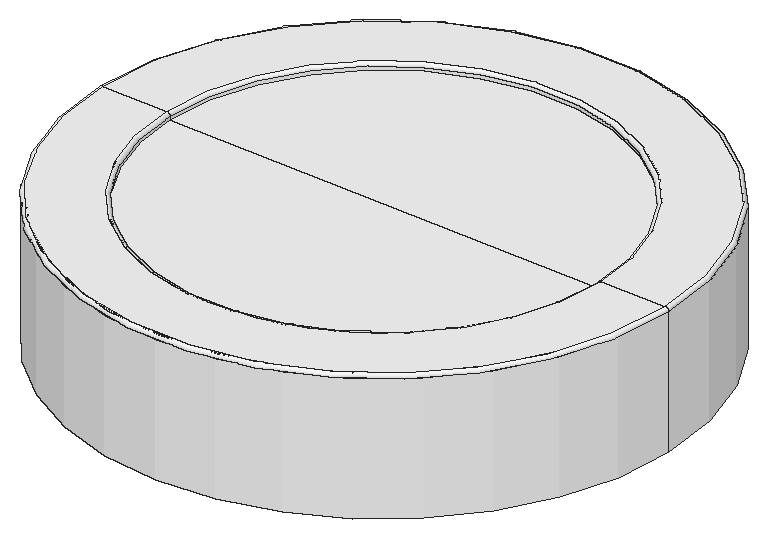
Revit family "0053899", category Lighting Fixtures, host Face, Revit 2016
Family settings
  Host = Face
  Part Type = Normal
  Round Connector Dimension = Use Diameter
  OmniClass Number = 23.80.70.00
  OmniClass Title = Lighting
  Cut with Voids When Loaded = No
  Light Source = Yes
  Shared = No
  Room Calculation Point = No
Parameters (values of type "0053899 ST eco Downlight Flat 172 1050lm 830 DIM S")
  Width_FEILO = 172 mm
  WidthDiffuser_FEILO = if(Square_FEILO, 168 mm, Width_FEILO / 1.3294)  # 129.381 mm
  Weight = "10.26 kg"
  Wattage Comments = ""
  Wattage = 13 W
  WarrantyStartDate [instance] = "n/a"
  WarrantyGuarantorParts = "n/a"
  WarrantyDurationUnit = "n/a"
  WarrantyDurationParts = "n/a"
  WarrantyDescription = "n/a"
  built-in parameter 1150110 = 1 (stored number, unit not read)
  Voltage = 230 V
  URL = "http://www.sylvania-lighting.com"
  TypeName = "ST eco Downlight Flat 172 1050lm 830 DIM S"
  Type Image = <None>
  Type Comments = "n/a"
  built-in parameter 1114217 = 1 (stored number, unit not read)
  Tilt Angle = -90.00°
  built-in parameter 1150109 = 1 (stored number, unit not read)
  built-in parameter 1150134 = (empty or 0)
  built-in parameter 1150113 = 1 (stored number, unit not read)
  Square_FEILO = no
  SerialNumber [instance] = "n/a"
  Round_FEILO = not(Square_FEILO)  # yes
  RadiusSquare_FEILO = 10 mm
  RadiusDiffuser_FEILO = 7 mm
  Photometric Web File = "0053899.ies"
  Material_3_FEILO = none
  PowerFactor = 0.9
  PowerConsumption = "13 W"
  NominalLength = 172 mm
  NominalHeight = 39 mm
  NominalDepth = 172 mm
  Name = "ST eco Downlight Flat 172 1050lm 830 DIM S"
  ModelReference = Name  # "ST eco Downlight Flat 172 1050lm 830 DIM S"
  ModelNumber = "0053899"
  Model = Name  # "ST eco Downlight Flat 172 1050lm 830 DIM S"
  Material = "aluminium housing, polystyrene diffuser"
  ManufacturerName = "Feilo Sylvania"
  Manufacturer = "Feilo Sylvania"
  LuminousEfficacy = "80.76 lm/W"
  built-in parameter 1150105 = 83.556 (stored number, unit not read)
  Lumens = 1050 lm
  LuminaireType = ""
  built-in parameter 1150115 = 1 (stored number, unit not read)
  LightOutputRatio = "n/a"
  built-in parameter 1150137 = (empty or 0)
  built-in parameter 1150139 = (empty or 0)
  LampsType = Lamp  # "LED"
  LampNominalLuminous = "1050 lm"
  LampMacAdamStep = "n/a"
  LampColourTemperature = "3000 K"
  LampColourRenderingIndex = "80"
  built-in parameter 1150112 = 1 (stored number, unit not read)
  built-in parameter 1150114 = 1 (stored number, unit not read)
  Lamp = "LED"
  Keynote = "16500"
  InstallationDate [instance] = "n/a"
  InputVoltage = "220-240V~"
  InputNominalFrequency = "50/60 Hz"
  built-in parameter 1150132 = (empty or 0)
  built-in parameter 1150102 = (empty or 0)
  built-in parameter 1150107 = 3000 (stored number, unit not read)
  built-in parameter 1150138 = (empty or 0)
  IngressProtection = "IP20"
  ImpactProtectionIndex = "IK06"
  built-in parameter 1150106 = 0.83556 (stored number, unit not read)
  IfcExportType = "IfcLightFixtureType"
  IfcExportAs = "IfcLightFixtureType"
  ExpectedLife = 50000
  Emit from Circle Diameter = WidthDiffuser_FEILO  # 129.381 mm
  Emit Shape Visible in Rendering = no
  ElectricShockClassification = "Class II"
  built-in parameter 1150104 = 7.5037 (stored number, unit not read)
  DurationUnit = "hours"
  DocumentationLiterature = "http://www.sylvania-lighting.com/product/en-int/products/0053899"
  DimmingControlOptions = "Dimmable"
  Material_2_FEILO = LED-Sylvania-SylflatSurface
  Dimming Lamp Color Temperature Shift = <None>
  Description = "Integrated LED surface mounted downlight providing 1040 fixture lumens at a wattage of 13W giving a high efficacy of 80lm/W. Fitting includes Leading/Trailing edge phase dimmable driver and has a round outer dimmension of of 172x172x39mm with an IP20 and IK02 rating providing uniform distribution with an Opal diffuser and 110° beam angle. Provided including a Loop in Loop out box and built with a white aluminium housing."
  Default Elevation = 1219.2 mm
  CreatedOn = "2/15/2018"
  CreatedBy = "aron.fodor@feilosylvania.com"
  Cost = 0
  Color Filter = 16777215
  built-in parameter 1114216 [instance] = (empty or 0)
  ClassificationValue = "EF_70_80"
  ClassificationName = "Uniclass2015"
  Material_1_FEILO = Body-Sylvania-SylflatSurface-White
  BarCode [instance] = "n/a"
  built-in parameter 1114218 = 1 (stored number, unit not read)
  built-in parameter 1150133 = 10 (stored number, unit not read)
  AssetType = "Fixed"
  AssetIdentifier [instance] = "n/a"
  Assembly Code = "D5020200"
  Apparent Load = 13 VA
  Material_4_FEILO = none
Reference planes
  plane 1 "Center (Front/Back)": y = 0
  plane 2: z = 0
  plane 3 "Center (Left/Right)": x = 0
  plane 4: x = 86
  plane 5: x = -86
  plane 6: y = 86
  plane 7: y = -86
  plane 8: x = -76
  plane 9: y = 76
  plane 10: x = 76
  plane 11: y = -76
  plane 12: y = 64.69
  plane 13: y = -64.69
  plane 14: x = 64.69
  plane 15: x = -64.69
  plane 16: x = -57.69
  plane 17: y = 57.69
  plane 18: x = 57.69
  plane 19: y = -57.69
  plane 20: z = 39
  plane 21: x = -85
  plane 22: z = 38
  plane 23: z = 37
  plane 24: x = -65.69
Forms (mm)
  Revolve 1, solid, material "Body-Sylvania-SylflatSurface-White" <- "Material_1_FEILO", visible <- "Round_FEILO"
    sketch origin (0, 0, 0) x (1, 0, 0) y (0, 0, 1)
      loop
        line (0, 0) -> (0, 37) -> (-64.69, 37) -> (-64.69, 38)
        arc (-64.69, 38) -> (-64.983, 38.707) -> (-65.69, 39) r 1
        line (-65.69, 39) -> (-85, 39)
        arc (-85, 39) -> (-85.707, 38.707) -> (-86, 38) r 1
        line (-86, 38) -> (-86, 0) -> (0, 0)
      axis (0, 39) -> (0, 0)
    angle from 360 to 0
  Extrusion 2, solid, material "Body-Sylvania-SylflatSurface-White" <- "Material_1_FEILO", visible <- "Square_FEILO"
    sketch origin (0, 0, 0) x (1, 0, 0) y (0, 1, 0)
      loop
        arc (-86, -76) -> (-83.071, -83.071) -> (-76, -86) r 10
        line (-76, -86) -> (76, -86)
        arc (76, -86) -> (83.071, -83.071) -> (86, -76) r 10
        line (86, -76) -> (86, 76)
        arc (86, 76) -> (83.071, 83.071) -> (76, 86) r 10
        line (76, 86) -> (-76, 86)
        arc (-76, 86) -> (-83.071, 83.071) -> (-86, 76) r 10
        line (-86, 76) -> (-86, -76)
      loop
        arc (-57.69, 64.69) -> (-62.64, 62.64) -> (-64.69, 57.69) r 7
        line (-64.69, 57.69) -> (-64.69, -57.69)
        arc (-64.69, -57.69) -> (-62.64, -62.64) -> (-57.69, -64.69) r 7
        line (-57.69, -64.69) -> (57.69, -64.69)
        arc (57.69, -64.69) -> (62.64, -62.64) -> (64.69, -57.69) r 7
        line (64.69, -57.69) -> (64.69, 57.69)
        arc (64.69, 57.69) -> (62.64, 62.64) -> (57.69, 64.69) r 7
        line (57.69, 64.69) -> (-57.69, 64.69)
    from 0 to 39
  Extrusion 3, solid, material "Body-Sylvania-SylflatSurface-White" <- "Material_1_FEILO", visible <- "Square_FEILO"
    sketch origin (0, 0, 0) x (1, 0, 0) y (0, 1, 0)
      loop
        arc (-57.69, 64.69) -> (-62.64, 62.64) -> (-64.69, 57.69) r 7
        line (-64.69, 57.69) -> (-64.69, -57.69)
        arc (-64.69, -57.69) -> (-62.64, -62.64) -> (-57.69, -64.69) r 7
        line (-57.69, -64.69) -> (57.69, -64.69)
        arc (57.69, -64.69) -> (62.64, -62.64) -> (64.69, -57.69) r 7
        line (64.69, -57.69) -> (64.69, 57.69)
        arc (64.69, 57.69) -> (62.64, 62.64) -> (57.69, 64.69) r 7
        line (57.69, 64.69) -> (-57.69, 64.69)
    from 0 to 37
Cuts and joins
  joined: Extrusion 2, Extrusion 3
Dimensions and locks
  equal spacing: plane 5, plane 3 "Center (Left/Right)", plane 4
  equal spacing: plane 7, plane 1 "Center (Front/Back)", plane 6
  "Width_FEILO": plane 7 to plane 6
  "Width_FEILO": plane 5 to plane 4
  equal spacing: plane 11, plane 1 "Center (Front/Back)", plane 9
  "RadiusSquare_FEILO": plane 9 to plane 6
  equal spacing: plane 8, plane 3 "Center (Left/Right)", plane 10
  "RadiusSquare_FEILO": plane 5 to plane 8
  equal spacing: plane 15, plane 3 "Center (Left/Right)", plane 14
  equal spacing: plane 13, plane 1 "Center (Front/Back)", plane 12
  "WidthDiffuser_FEILO": plane 13 to plane 12
  "WidthDiffuser_FEILO": plane 15 to plane 14
  equal spacing: plane 16, plane 3 "Center (Left/Right)", plane 18
  equal spacing: plane 19, plane 1 "Center (Front/Back)", plane 17
  "RadiusDiffuser_FEILO": plane 17 to plane 12
  "RadiusDiffuser_FEILO": plane 15 to plane 16
  locked: plane 20 to plane 2 at 39
  locked: plane 20 to plane 22 at 1
  locked: plane 21 to plane 5 at 1
  locked: plane 20 to plane 23 at 2
  locked: plane 15 to plane 24 at 1
  aligned and locked: plane 2 to host face
  aligned and locked: level to host face
  aligned and locked: Revolve 1 sketch curve to plane 3 "Center (Left/Right)"
  aligned and locked: Revolve 1 sketch curve to Revolve 1 sketch curve
  aligned and locked: Revolve 1 sketch curve to plane 20
  aligned and locked: Revolve 1 sketch curve to plane 5
  aligned and locked: Revolve 1 sketch curve to level
  aligned and locked: plane 23 to Revolve 1 sketch curve
  aligned and locked: plane 21 to Revolve 1 sketch curve
  aligned and locked: plane 20 to Revolve 1 sketch curve
  aligned and locked: plane 22 to Revolve 1 sketch curve  (x2)
  aligned and locked: plane 15 to Revolve 1 sketch curve
  aligned and locked: plane 24 to Revolve 1 sketch curve
  aligned and locked: plane 11 to Extrusion 2 sketch curve  (x3)
  aligned and locked: plane 5 to Extrusion 2 sketch curve  (x2)
  aligned and locked: plane 8 to Extrusion 2 sketch curve  (x4)
  aligned and locked: plane 7 to Extrusion 2 sketch curve
  aligned and locked: plane 4 to Extrusion 2 sketch curve  (x2)
  aligned and locked: plane 10 to Extrusion 2 sketch curve  (x4)
  aligned and locked: Extrusion 2 sketch curve to plane 6
  aligned and locked: plane 9 to Extrusion 2 sketch curve  (x3)
  aligned and locked: Extrusion 2 to level
  aligned and locked: Extrusion 2 to plane 20
  aligned and locked: plane 16 to Extrusion 2 sketch curve  (x3)
  aligned and locked: plane 12 to Extrusion 2 sketch curve  (x2)
  aligned and locked: plane 14 to Extrusion 2 sketch curve
  aligned and locked: plane 15 to Extrusion 2 sketch curve
  aligned and locked: plane 18 to Extrusion 2 sketch curve  (x4)
  aligned and locked: plane 17 to Extrusion 2 sketch curve  (x4)
  aligned and locked: plane 19 to Extrusion 2 sketch curve  (x4)
  aligned and locked: plane 13 to Extrusion 2 sketch curve
  aligned and locked: Extrusion 3 sketch curve to Extrusion 2  (x4)
  aligned and locked: Extrusion 3 to level
  aligned and locked: Extrusion 3 to plane 23
  aligned and locked: plane 3 "Center (Left/Right)" to imposter light
  aligned and locked: imposter light to plane 1 "Center (Front/Back)"
  aligned and locked: imposter light to plane 23
Automatic sketch dimensions
  host sketch curve to host sketch curve = 2438.4 mm  (x2)
  Revolve 1 sketch curve to plane 3 "Center (Left/Right)" = 0 mm
  Revolve 1 sketch curve to level = 609.6 mm
  Revolve 1 sketch curve to plane 20 = 2570.058 mm
Connectors
  electrical at (0, 0, 0), driven by "Apparent Load", driven by "PowerFactor", driven by "Voltage"
    settings: index 1, voltage 230 V, apparent load 13 VA, apparent load phase1 0 VA, apparent load phase2 0 VA, apparent load phase3 0 VA, power factor 0.9, load classification "Lighting", number of poles 1, system type 30, power factor state 1, is connector primary yes, connector utility no, sub classification motor no, connector description ""
